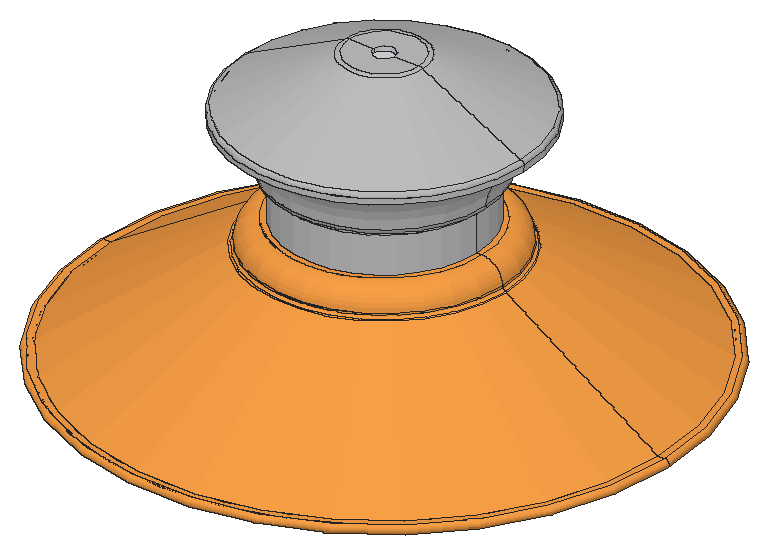
Revit family "B114 SHADE", category Lighting Fixtures, Revit 2024
Family settings
  Round Connector Dimension = Use Diameter
  Part Type = Normal
  OmniClass Number = 23.80.70.00
  OmniClass Title = Lighting
  Work Plane-Based = No
  Always vertical = Yes
  Cut with Voids When Loaded = No
  Light Source = Yes
  Maintain Annotation Orientation = No
  Shared = No
  Room Calculation Point = No
Parameters
  Wattage = 12.1178 W
  built-in parameter 1150110 = 1 (stored number, unit not read)
  built-in parameter 1114217 = 1 (stored number, unit not read)
  built-in parameter 1150109 = 1 (stored number, unit not read)
  built-in parameter 1150134 = (empty or 0)
  built-in parameter 1150113 = 1 (stored number, unit not read)
  Lumens = 1800 lm
  built-in parameter 1150115 = 1 (stored number, unit not read)
  built-in parameter 1150105 = 572.96 (stored number, unit not read)
  Light Source Symbol Size = 2' - 0"
  built-in parameter 1150137 = (empty or 0)
  built-in parameter 1150139 = (empty or 0)
  built-in parameter 1150112 = 1 (stored number, unit not read)
  built-in parameter 1150114 = 1 (stored number, unit not read)
  built-in parameter 1150132 = 2
  built-in parameter 1150102 = (empty or 0)
  built-in parameter 1150138 = (empty or 0)
  built-in parameter 1150107 = 3000 (stored number, unit not read)
  built-in parameter 1150106 = 5.7296 (stored number, unit not read)
  built-in parameter 1150104 = 13.8 (stored number, unit not read)
  Dimming Lamp Color Temperature Shift = (empty or 0)
  Default Elevation = 0' - 0"
  Color Filter = 16777215
  built-in parameter 1114218 = 1 (stored number, unit not read)
  built-in parameter 1150133 = 10 (stored number, unit not read)
Reference planes (in)
  plane 1 "Light Source Axis (F/B)": y = 0
  plane 2: z = 0
  plane 3 "Light Source Axis (L/R)": x = 0
  plane 4 "Light Source Elevation": z = 54
Forms (in)
  Revolve 1, solid
    sketch origin (0, 0, 0) x (1, 0, 0) y (0, 0, 1)
      loop
        line (-0.25, 60.727) -> (-0.84957, 60.727)
        arc (-0.84957, 60.727) -> (-0.90485, 60.72081) -> (-0.95739, 60.70255) r 0.25
        line (-0.95739, 60.70255) -> (-3.36641, 59.55098)
        arc (-3.36641, 59.55098) -> (-3.41824, 59.50486) -> (-3.4375, 59.43821) r 0.125
        line (-3.4375, 59.43821) -> (-3.4375, 59.307) -> (-3.375, 59.307)
        arc (-3.375, 59.307) -> (-2.77987, 58.89318) -> (-2.50619, 58.22196) r 1.27595
        arc (-2.50619, 58.22196) -> (-2.46902, 58.14479) -> (-2.3909, 58.10967) r 0.125
        arc (-2.3909, 58.10967) -> (-2.30845, 58.07011) -> (-2.275, 57.985) r 0.125
        line (-2.275, 57.985) -> (-2.275, 57.11) -> (-2.41, 57.11)
        arc (-2.41, 57.11) -> (-2.76355, 56.96355) -> (-2.91, 56.61) r 0.5
        line (-2.91, 56.61) -> (-2.91, 56.5725)
        arc (-2.91, 56.5725) -> (-2.92996, 56.52671) -> (-2.9771, 56.51017) r 0.0625
        arc (-2.9771, 56.51017) -> (-2.99655, 56.50855) -> (-3.01455, 56.50101) r 0.0625
        line (-3.01455, 56.50101) -> (-6.73817, 54.2) -> (-6.9, 54.2)
        arc (-6.9, 54.2) -> (-6.97071, 54.02929) -> (-6.8, 54.1) r 0.1
        line (-6.8, 54.1) -> (-6.72166, 54.1) -> (-2.97337, 56.41625)
        arc (-2.97337, 56.41625) -> (-2.8674, 56.45688) -> (-2.81688, 56.5585) r 0.15625
        line (-2.81688, 56.5585) -> (-2.81625, 56.61)
        arc (-2.81625, 56.61) -> (-2.69726, 56.89726) -> (-2.41, 57.01625) r 0.40625
        line (-2.41, 57.01625) -> (-2.18125, 57.01625) -> (-2.18125, 57.985)
        arc (-2.18125, 57.985) -> (-2.23979, 58.13394) -> (-2.38408, 58.20317) r 0.21875
        arc (-2.38408, 58.20317) -> (-2.4036, 58.21195) -> (-2.4129, 58.23124) r 0.03125
        arc (-2.4129, 58.23124) -> (-2.7061, 58.95103) -> (-3.34375, 59.39541) r 1.3697
        line (-3.34375, 59.39541) -> (-3.34375, 59.43821)
        arc (-3.34375, 59.43821) -> (-3.33894, 59.45487) -> (-3.32598, 59.4664) r 0.03125
        line (-3.32598, 59.4664) -> (-0.91696, 60.61797)
        arc (-0.91696, 60.61797) -> (-0.88412, 60.62938) -> (-0.84957, 60.63325) r 0.15625
        line (-0.84957, 60.63325) -> (-0.25, 60.63325) -> (-0.25, 60.727)
      axis (0, 60.727) -> (0, 54.1)
    angle from 0 to 360
Dimensions and locks (in)
  aligned and locked: plane 3 "Light Source Axis (L/R)" to imposter light
  aligned and locked: plane 1 "Light Source Axis (F/B)" to imposter light
  aligned and locked: plane 4 "Light Source Elevation" to imposter light
  aligned and locked: level to plane 2
